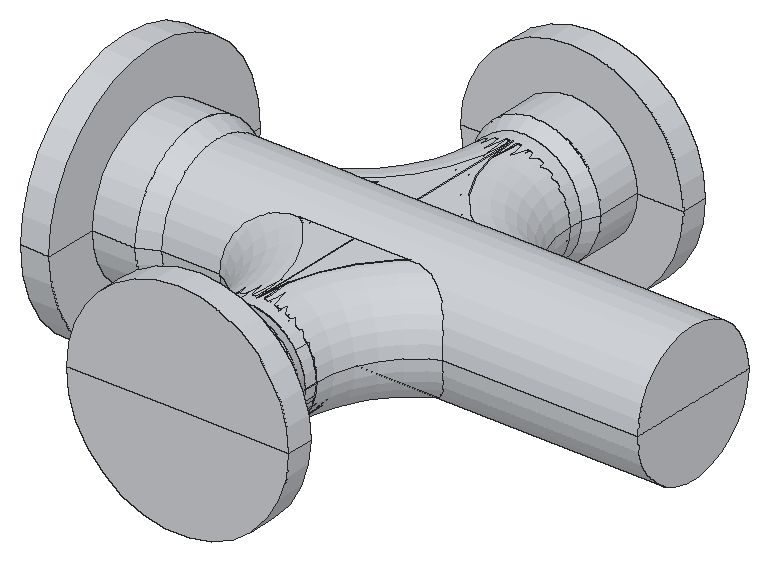
Revit family "bd2e4776bb3a4bb3913ffe6774420ba0", category Pipe Fittings, Revit 2021
Family settings
  Round Connector Dimension = Use Radius
  Part Type = Cross
  OmniClass Number = 23.60.30.11.14
  OmniClass Title = Pipework Fittings
  Seek Item ID = Tee - PVC - Sch 40-0000-USA-ENU
  Work Plane-Based = No
  Always vertical = Yes
  Cut with Voids When Loaded = No
  Shared = No
Parameters (values of type "Standard")
  Visibility 1 [instance] = and(Angle 1 = 90.00°, Angle 2 = 90.00°)  # yes
  Tick Size 3 [instance] = Fitting Outside Diameter 3 * 0.4  # 1.5840"
  Tick Size 2 [instance] = Fitting Outside Diameter 2 * 0.4  # 1.5840"
  Tick Size 1 [instance] = Fitting Outside Diameter 1 * 0.4  # 1.9200"
  Socket Outside Radius 3 [instance] = Socket Outside Diameter 3 / 2  # 2.2400"
  Socket Outside Radius 2 [instance] = Socket Outside Diameter 2 / 2  # 2.2400"
  Socket Outside Radius 1 [instance] = Socket Outside Diameter 1 / 2  # 2.7250"
  Socket Outside Diameter 3 [instance] = size_lookup(Lookup Table Name, "SOD", 1.08 * Nominal Diameter 3 + 1.1300", Nominal Diameter 3)  # 4.4800"
  Socket Outside Diameter 1 [instance] = size_lookup(Lookup Table Name, "SOD", 1.08 * Nominal Diameter 1 + 1.1300", Nominal Diameter 1)  # 5.4500"
  Socket Outside Diameter 2 [instance] = size_lookup(Lookup Table Name, "SOD", 1.08 * Nominal Diameter 2 + 1.1300", Nominal Diameter 2)  # 4.4800"
  Socket Depth 3 [instance] = if(Nominal Diameter 3 < 14.0000", 2.5000", if(Nominal Diameter 2 < 30.0000", 3.5000", 4.0000"))  # 2.5000"
  Socket Depth 2 [instance] = if(Nominal Diameter 2 < 14.0000", 2.5000", if(Nominal Diameter 2 < 30.0000", 3.5000", 4.0000"))  # 2.5000"
  Socket Depth 1 [instance] = if(Nominal Diameter 1 < 14.0000", 2.5000", if(Nominal Diameter 1 < 30.0000", 3.5000", 4.0000"))  # 2.5000"
  Nominal Radius 3 [instance] = 1.5000"
  Nominal Radius 2 [instance] = 1.5000"
  Nominal Diameter 3 [instance] = Nominal Radius 3 * 2  # 3.0000"
  Nominal Diameter 2 [instance] = Nominal Radius 2 * 2  # 3.0000"
  Min Nominal Diameter 23 [instance] = if(Nominal Diameter 2 < Nominal Diameter 3, Nominal Diameter 2, Nominal Diameter 3)  # 3.0000"
  Min Center to Socket Bottom 23 [instance] = if(Center to Socket Bottom 2 < Center to Socket Bottom 3, Center to Socket Bottom 2, Center to Socket Bottom 3)  # 6.5000"
  Max Nominal Diameter 23 [instance] = if(Nominal Diameter 2 > Nominal Diameter 3, Nominal Diameter 2, Nominal Diameter 3)  # 3.0000"
  Max Gland Width 24 [instance] = if(Gland Width 2 > Gland Width 3, Gland Width 2, Gland Width 3)  # 0.9400"
  Max Bevel Length 23 [instance] = if(Bevel Length 2 > Bevel Length 3, Bevel Length 2, Bevel Length 3)  # 0.5200"
  Lookup Table Name = "Cross Reducing - MJ x PE - DI - Class 350"
  Length 2 [instance] = Socket Depth 3 + Bevel Length 3  # 3.0200"
  Length 1 [instance] = Socket Depth 2 + Bevel Length 2  # 3.0200"
  Fitting Outside Radius 3 [instance] = Fitting Outside Diameter 3 / 2  # 1.9800"
  Fitting Outside Radius 2 [instance] = Fitting Outside Diameter 2 / 2  # 1.9800"
  Fitting Outside Radius 1 [instance] = Fitting Outside Diameter 1 / 2  # 2.4000"
  Fitting Outside Diameter 3 [instance] = size_lookup(Lookup Table Name, "FOD", 1.04 * Nominal Diameter 3 + 0.7000", Nominal Diameter 3)  # 3.9600"
  Fitting Outside Diameter 2 [instance] = size_lookup(Lookup Table Name, "FOD", 1.04 * Nominal Diameter 2 + 0.7000", Nominal Diameter 2)  # 3.9600"
  Fitting Outside Diameter 1 [instance] = size_lookup(Lookup Table Name, "FOD", 1.04 * Nominal Diameter 1 + 0.7000", Nominal Diameter 1)  # 4.8000"
  Nominal Radius 1 [instance] = 2.0000"
  Nominal Diameter 1 [instance] = Nominal Radius 1 * 2  # 4.0000"
  Loss Method = Not Defined
  K Coefficient Table = (empty or 0)
  Default Elevation = 0.0000"
  Bevel Length 3 [instance] = size_lookup(Lookup Table Name, "BvLgt", 0.04 * Nominal Diameter 3 + 0.4300", Nominal Diameter 3)  # 0.5200"
  Bevel Length 2 Label [instance] = if(not(Angle 2 = 90.00°), Center to End 2 Label - Length 1, Bevel Length 2)  # 0.5200"
  Bevel Length 2 [instance] = size_lookup(Lookup Table Name, "BvLgt", 0.04 * Nominal Diameter 2 + 0.4300", Nominal Diameter 2)  # 0.5200"
  Bevel Length 1 [instance] = size_lookup(Lookup Table Name, "BvLgt", 0.04 * Nominal Diameter 1 + 0.4300", Nominal Diameter 1)  # 0.6500"
  Center to Socket Bottom 4 [instance] = size_lookup(Lookup Table Name, "CtSB2", 3.8400" + 0.6 * Nominal Diameter 1 + 0.12 * Nominal Diameter 3, Nominal Diameter 1, Nominal Diameter 3)  # 6.5000"
  Center to Socket Bottom 3 [instance] = size_lookup(Lookup Table Name, "CtSB3", 11.9800" + 0.33 * Nominal Diameter 1 + 0.33 * Max Nominal Diameter 23, Nominal Diameter 1, Max Nominal Diameter 23)  # 10.6200"
  Center to Socket Bottom 2 [instance] = size_lookup(Lookup Table Name, "CtSB2", 3.8400" + 0.6 * Nominal Diameter 1 + 0.12 * Nominal Diameter 2, Nominal Diameter 1, Nominal Diameter 2)  # 6.5000"
  Center to Socket Bottom 1 [instance] = size_lookup(Lookup Table Name, "CtSB1", 4.9800" + 0.33 * Nominal Diameter 1 + 0.33 * Max Nominal Diameter 23, Nominal Diameter 1, Max Nominal Diameter 23)  # 6.5000"
  Center to End 3 Label [instance] = if((Max Center to End 24 - Max Gland Width 24) * tan(Angle 5 / 2) > Gland Outside Radius 1, Center to Socket Bottom 3, Gland Outside Radius 1 / tan(Angle 5 / 2) + Max Gland Width 24)  # 10.6200"
  Center to End 3 [instance] = Center to Socket Bottom 4 + Socket Depth 3  # 9.0000"
  Max Center to End 24 [instance] = if(Center to End 2 > Center to End 3, Center to End 2, Center to End 3)  # 9.0000"
  Center to End 2 Label [instance] = if((Max Center to End 24 - Max Gland Width 24) * tan(Angle 5 / 2) > Gland Outside Radius 1, Max Center to End 24, Gland Outside Radius 1 / tan(Angle 5 / 2) + Max Gland Width 24)  # 9.0000"
  Center to End 2 [instance] = Center to Socket Bottom 2 + Socket Depth 2  # 9.0000"
  Center to End 1 Label [instance] = if((Max Center to End 24 - Max Gland Width 24) * tan(Angle 5 / 2) > Gland Outside Radius 1, Center to End 1, Gland Outside Radius 1 / tan(Angle 5 / 2) + Max Gland Width 24)  # 9.0000"
  Center to End 1 [instance] = Center to Socket Bottom 1 + Socket Depth 1  # 9.0000"
  Center Radius Label [instance] = if(Min Center to Socket Bottom 23 - Center Radius - Max Bevel Length 23 < 0.5000", Min Center to Socket Bottom 23 - Max Bevel Length 23 - 0.5000", Center Radius)  # 5.4800"
  Center Radius [instance] = size_lookup(Lookup Table Name, "CRad", 4.4800" + 0.3 * Nominal Diameter 1 + 0.33 * Max Nominal Diameter 23, Nominal Diameter 1, Max Nominal Diameter 23)  # 5.8500"
  Gland Width 3 [instance] = size_lookup(Lookup Table Name, "GWid", 0.03 * Nominal Diameter 3 + 0.9400", Nominal Diameter 3)  # 0.9400"
  Gland Width 2 [instance] = size_lookup(Lookup Table Name, "GWid", 0.03 * Nominal Diameter 2 + 0.9400", Nominal Diameter 2)  # 0.9400"
  Gland Width 1 [instance] = size_lookup(Lookup Table Name, "GWid", 0.03 * Nominal Diameter 1 + 0.9400", Nominal Diameter 1)  # 1.0000"
  Gland Outside Radius 3 [instance] = Gland Outside Diameter 3 / 2  # 3.8450"
  Gland Outside Radius 2 [instance] = Gland Outside Diameter 2 / 2  # 3.8450"
  Gland Outside Radius 1 [instance] = Gland Outside Diameter 1 / 2  # 4.5600"
  Gland Outside Diameter 3 [instance] = size_lookup(Lookup Table Name, "GOD", 1.16 * Nominal Diameter 3 + 4.0300", Nominal Diameter 3)  # 7.6900"
  Gland Outside Diameter 2 [instance] = size_lookup(Lookup Table Name, "GOD", 1.16 * Nominal Diameter 2 + 4.0300", Nominal Diameter 2)  # 7.6900"
  Gland Outside Diameter 1 [instance] = size_lookup(Lookup Table Name, "GOD", 1.16 * Nominal Diameter 1 + 4.0300", Nominal Diameter 1)  # 9.1200"
  Angle 5 [instance] = if(tan(Angle 3 / 2) > tan(Angle 4 / 2), Angle 4, Angle 3)  # 90.00°
  Angle 4 [instance] = if(Angle 2 > 90.00°, 180.00° - Angle 2, Angle 2)  # 90.00°
  Angle 3 [instance] = if(Angle 1 > 90.00°, 180.00° - Angle 1, Angle 1)  # 90.00°
  Angle 2 [instance] = 90.00°
  Angle 1 [instance] = 90.00°
Reference planes (in)
  plane 1 "Center (Front/Back)": y = 0
  plane 2: z = 0
  plane 3 "Center (Left/Right)": x = 0
  plane 4: y = -6.5
  plane 5: y = 4.56
  plane 6: y = 2.725
  plane 7: y = 2.4
  plane 8: x = -9
  plane 9: x = -8
  plane 10: x = -5.85
  plane 11: x = -6.5
  plane 12: x = 10.62
  plane 13: y = -5.98
  plane 14: y = -5.48
  plane 15: x = -5.48
  plane 16: x = 5.48
  plane 17: z = 1.98
  plane 18: z = -1.98
  plane 19: y = 1.92
  plane 20: y = -1.92
  plane 21: y = 6.5
  plane 22: y = 5.48
  plane 23: y = 1.92
  plane 24: z = 1.98
  plane 25: z = -1.98
Forms (in)
  Revolve 1, solid, detail levels fine
    sketch origin (0, 0, 0) x (1, 0, 0) y (0, 1, 0)
      loop
        line (-9, 0) -> (10.62, 0) -> (10.62, 2.4) -> (-5.85, 2.4) -> (-6.5, 2.725) -> (-8, 2.725) -> (-8, 4.56) -> (-9, 4.56) -> (-9, 0)
      axis (-9, 0) -> (10.62, 0)
    angle from 0 to 360
  Sweep 2, solid, visible <- "Visibility 1", detail levels fine
    path origin (0, 0, 0) x (1, 0, 0) y (0, 1, 0)
      loop
        arc (-5.48, 0) -> (-1.60505, -1.60505) -> (0, -5.48) r 5.48
        line (0, -5.48) -> (0, -5.98)
    profile origin (0, -5.48, 0) x (1, 0, 0) y (0, 0, 1)
      loop
        circle (0, 0) r 1.98
  Sweep 3, solid, visible <- "Visibility 1", detail levels fine
    path origin (0, 0, 0) x (-1, 0, 0) y (0, 1, 0)
      loop
        arc (-5.48, 0) -> (-1.60505, -1.60505) -> (0, -5.48) r 5.48
        line (0, -5.48) -> (0, -5.98)
    profile origin (0, -5.48, 0) x (1, 0, 0) y (0, 0, 1)
      loop
        circle (0, 0) r 1.98
  Extrusion 4, solid, visible <- "Visibility 1", detail levels fine
    sketch origin (0, 0, 0) x (1, 0, 0) y (0, 1, 0)
      loop
        arc (0, -5.48) -> (1.60505, -1.60505) -> (5.48, 0) r 5.48
        line (5.48, 0) -> (-5.48, 0)
        arc (-5.48, 0) -> (-1.60505, -1.60505) -> (0, -5.48) r 5.48
    from -1.98 to 1.98
  Sweep 5, solid, visible <- "Visibility 1", detail levels fine
    path origin (0, 0, 0) x (-1, 0, 0) y (0, -1, 0)
      loop
        arc (-5.48, 0) -> (-1.60505, -1.60505) -> (0, -5.48) r 5.48
    profile origin (0, 5.48, 0) x (-1, 0, 0) y (0, 0, 1)
      loop
        circle (0, 0) r 1.98
  Extrusion 6, solid, visible <- "Visibility 1", detail levels fine
    sketch origin (0, 0, 0) x (1, 0, 0) y (0, 1, 0)
      loop
        arc (0, 5.48) -> (-1.60505, 1.60505) -> (-5.48, 0) r 5.48
        line (-5.48, 0) -> (5.48, 0)
        arc (5.48, 0) -> (1.60505, 1.60505) -> (0, 5.48) r 5.48
    from -1.98 to 1.98
  Sweep 7, solid, visible <- "Visibility 1", detail levels fine
    path origin (0, 0, 0) x (1, 0, 0) y (0, -1, 0)
      loop
        arc (-5.48, 0) -> (-1.60505, -1.60505) -> (0, -5.48) r 5.48
    profile origin (0, 5.48, 0) x (-1, 0, 0) y (0, 0, 1)
      loop
        circle (0, 0) r 1.98
  Revolve 8, solid, detail levels fine
    sketch origin (0, 0, 0) x (0, -1, 0) y (1, 0, 0)
      loop
        line (9, 0) -> (0, 0) -> (0, -1.98) -> (5.98, -1.98) -> (6.5, -2.24) -> (8.06, -2.24) -> (8.06, -3.845) -> (9, -3.845) -> (9, 0)
      axis (0, 0) -> (9, 0)
    angle from 0 to 360
  Revolve 9, solid, detail levels fine
    sketch origin (0, 0, 0) x (0, 1, 0) y (-1, 0, 0)
      loop
        line (9, 0) -> (9, 3.845) -> (8.06, 3.845) -> (8.06, 2.24) -> (6.5, 2.24) -> (5.98, 1.98) -> (0, 1.98) -> (0, 0) -> (9, 0)
      axis (0, 0) -> (9, 0)
    angle from 0 to 360
Lines and regions (in)
  model lines, detail levels coarse+medium
    curve 1: line (-9, 1.92, 0) -> (-9, -1.92, 0)
    curve 2: line (10.62, 1.92, 0) -> (10.62, -1.92, 0)
    curve 6: line (-1.584, -9, 0) -> (1.584, -9, 0)
    curve 8: line (-1.584, 9, 0) -> (1.584, 9, 0)
  model lines, style "PipeFitting", detail levels coarse+medium
    curve 3: line (-9, 0, 0) -> (10.62, 0, 0)
    curve 7: line (0, 0, 0) -> (0, -9, 0)
    curve 9: line (0, 0, 0) -> (0, 9, 0)
  reference lines, not visible
    curve 4: line (0, 0, 0) -> (0, -9, 0)
    curve 5: line (0, 0, 0) -> (0, 9, 0)
Dimensions and locks (in)
  "Center to Socket Bottom 2": plane 4 to plane 1 "Center (Front/Back)"
  "Fitting Outside Radius 1": plane 7 to plane 1 "Center (Front/Back)"
  "Socket Outside Radius 1": plane 6 to plane 1 "Center (Front/Back)"
  "Gland Outside Radius 1": plane 5 to plane 1 "Center (Front/Back)"
  "Gland Width 1": plane 8 to plane 9
  "Socket Depth 1": plane 8 to plane 11
  "Bevel Length 1": plane 11 to plane 10
  "Bevel Length 2": plane 13 to plane 4
  "Center Radius Label": plane 1 "Center (Front/Back)" to plane 14
  "Center Radius Label": plane 15 to plane 3 "Center (Left/Right)"
  "Center Radius Label": plane 3 "Center (Left/Right)" to plane 16
  "Fitting Outside Radius 2": plane 17 to plane 2
  "Fitting Outside Radius 2": plane 18 to level
  "Tick Size 1": plane 1 "Center (Front/Back)" to plane 20
  "Tick Size 1": plane 19 to plane 1 "Center (Front/Back)"
  "Center to Socket Bottom 4": plane 21 to plane 1 "Center (Front/Back)"
  "Center Radius Label": plane 1 "Center (Front/Back)" to plane 22
  "Tick Size 1": plane 1 "Center (Front/Back)" to plane 23
  "Fitting Outside Radius 3": plane 2 to plane 25
  "Fitting Outside Radius 3": plane 24 to plane 2
  "Center to End 1 Label": plane 8 to plane 3 "Center (Left/Right)"
  "Center to End 3 Label": plane 3 "Center (Left/Right)" to plane 12
  "Center to End 2 Label": curve 4 to curve 4
  "Center to End 2 Label": curve 5 to curve 5
  "Tick Size 2": curve 6 to curve 4
  "Tick Size 2": curve 4 to curve 6
  "Center to End 2 Label": curve 7 to curve 7
  "Center to End 2 Label": Revolve 8 sketch curve to Revolve 8 sketch curve
  "Gland Outside Radius 2": Revolve 8 sketch curve to Revolve 8 sketch curve
  "Socket Outside Radius 2": Revolve 8 sketch curve to Revolve 8 sketch curve
  "Gland Width 2": Revolve 8 sketch curve to Revolve 8 sketch curve
  "Socket Depth 2": Revolve 8 sketch curve to Revolve 8 sketch curve
  "Fitting Outside Radius 2": Revolve 8 sketch curve to Revolve 8 sketch curve
  "Length 1": Revolve 8 sketch curve to Revolve 8 sketch curve
  "Tick Size 3": curve 8 to curve 5
  "Tick Size 3": curve 5 to curve 8
  "Center to End 2 Label": curve 9 to curve 9
  "Center to End 2 Label": Revolve 9 sketch curve to Revolve 9 sketch curve
  "Socket Outside Radius 3": Revolve 9 sketch curve to Revolve 9 sketch curve
  "Gland Outside Radius 3": Revolve 9 sketch curve to Revolve 9 sketch curve
  "Fitting Outside Radius 3": Revolve 9 sketch curve to Revolve 9 sketch curve
  "Gland Width 3": Revolve 9 sketch curve to Revolve 9 sketch curve
  "Socket Depth 3": Revolve 9 sketch curve to Revolve 9 sketch curve
  "Length 2": Revolve 9 sketch curve to Revolve 9 sketch curve
  "Center Radius Label": radius of Sweep 2 sketch curve
  "Fitting Outside Radius 2": radius of Sweep 2 sketch curve
  "Center Radius Label": radius of Sweep 3 sketch curve
  "Fitting Outside Radius 2": radius of Sweep 3 sketch curve
  "Center Radius Label": radius of Extrusion 4 sketch curve  (x2)
  "Center Radius Label": radius of Sweep 5 sketch curve
  "Fitting Outside Radius 3": radius of Sweep 5 sketch curve
  "Center Radius Label": radius of Extrusion 6 sketch curve  (x2)
  "Center Radius Label": radius of Sweep 7 sketch curve
  "Fitting Outside Radius 3": radius of Sweep 7 sketch curve
  "Angle 1": angle curve 4 to plane 1 "Center (Front/Back)"
  "Angle 2": angle plane 1 "Center (Front/Back)" to curve 5
  locked: curve 4 to curve 6 (angle 90.00°)
  "Angle 1": angle curve 7 to plane 1 "Center (Front/Back)"
  "Angle 1": angle Revolve 8 sketch curve to plane 1 "Center (Front/Back)"
  locked: curve 5 to curve 8 (angle 90.00°)
  "Angle 2": angle plane 1 "Center (Front/Back)" to curve 9
  "Angle 2": angle plane 1 "Center (Front/Back)" to Revolve 9 sketch curve
  aligned and locked: plane 1 "Center (Front/Back)" to Revolve 1 sketch curve
  aligned and locked: plane 8 to Revolve 1 sketch curve
  aligned and locked: Revolve 1 sketch curve to plane 5
  aligned and locked: Revolve 1 sketch curve to plane 7
  aligned and locked: Revolve 1 sketch curve to plane 6
  aligned and locked: plane 12 to Revolve 1 sketch curve
  aligned and locked: Revolve 1 sketch curve to plane 9
  aligned and locked: Revolve 1 sketch curve to Revolve 1 sketch curve
  aligned and locked: plane 11 to Revolve 1 sketch curve
  aligned and locked: plane 10 to Revolve 1 sketch curve
  aligned and locked: plane 14 to Sweep 2 sketch curve
  aligned and locked: plane 15 to Sweep 2 sketch curve
  aligned and locked: plane 16 to Sweep 3 sketch curve
  aligned and locked: plane 14 to Sweep 3 sketch curve
  aligned and locked: plane 15 to Extrusion 4 sketch curve  (x2)
  aligned and locked: plane 14 to Extrusion 4 sketch curve  (x3)
  aligned and locked: plane 16 to Extrusion 4 sketch curve  (x2)
  aligned and locked: plane 1 "Center (Front/Back)" to Extrusion 4 sketch curve
  aligned and locked: plane 18 to Extrusion 4
  aligned and locked: plane 17 to Extrusion 4
  aligned and locked: plane 20 to curve 2
  aligned and locked: plane 19 to curve 2
  aligned and locked: plane 12 to curve 2
  aligned and locked: plane 20 to curve 1
  aligned and locked: plane 19 to curve 1
  aligned and locked: curve 1 to plane 8
  aligned and locked: plane 1 "Center (Front/Back)" to curve 3
  aligned and locked: plane 8 to curve 3
  aligned and locked: plane 12 to curve 3
  aligned and locked: plane 25 to Extrusion 6
  aligned and locked: plane 24 to Extrusion 6
  aligned and locked: plane 13 to Sweep 2 sketch curve
  aligned and locked: plane 3 "Center (Left/Right)" to curve 5
  aligned and locked: plane 1 "Center (Front/Back)" to curve 5
  aligned and locked: curve 6 to curve 4
  aligned and locked: plane 3 "Center (Left/Right)" to curve 7
  aligned and locked: plane 1 "Center (Front/Back)" to curve 7
  aligned and locked: plane 3 "Center (Left/Right)" to Revolve 8 sketch curve
  aligned and locked: plane 1 "Center (Front/Back)" to Revolve 8 sketch curve
  aligned and locked: Revolve 8 sketch curve to Revolve 8 sketch curve  (x3)
  aligned and locked: curve 8 to curve 5
  aligned and locked: plane 3 "Center (Left/Right)" to curve 9
  aligned and locked: plane 3 "Center (Left/Right)" to Revolve 9 sketch curve
  aligned and locked: plane 1 "Center (Front/Back)" to Revolve 9 sketch curve
  aligned and locked: Revolve 9 sketch curve to Revolve 9 sketch curve  (x3)
  aligned and locked: plane 13 to Sweep 3 sketch curve
Automatic sketch dimensions
  Revolve 1 sketch curve to plane 8 = 1.01143"
  Revolve 1 sketch curve to plane 12 = 1.76143"
  Sweep 2 sketch curve to level = 0.0000"
  profile plane to Sweep 2 sketch curve = 0.0000"
  Sweep 3 sketch curve to level = 0.0000"
  profile plane to Sweep 3 sketch curve = 0.0000"
  Sweep 5 sketch curve to level = 0.0000"
  Sweep 5 sketch curve to profile plane = 0.0000"
  plane 1 "Center (Front/Back)" to Extrusion 6 sketch curve = 0.0000"
  Extrusion 6 sketch curve to plane 15 = 0.0000"
  Extrusion 6 sketch curve to plane 3 "Center (Left/Right)" = 0.0000"
  Sweep 7 sketch curve to level = 0.0000"
  Sweep 7 sketch curve to profile plane = 0.0000"
  plane 1 "Center (Front/Back)" to Sweep 5 sketch curve = 0.0000"
  plane 1 "Center (Front/Back)" to Sweep 7 sketch curve = 0.0000"
  Sweep 7 sketch curve to plane 15 = 0.0000"
  Sweep 5 sketch curve to plane 16 = 0.0000"
Connectors (in)
  piping at (-9, 0, 0), diameter 4, driven by "Nominal Radius 1"
    settings: on Revolve 1, index 1, connector inside diameter 4.0000", connector length 0.0000", flow factor 0, pipe flow 0 GPM, pressure drop 0.00 psi, fitting loss kfactor 0, connector angle 0.00°, fixture units 0, engagement length 0.0000", angle of deflection 0.00°, flow configuration 0, flow direction 0, fitting loss method 0, system type 28, joint type 0, gender type 0, connector reference index 2, connector utility 0, adjustable connector no, is connector primary yes, connector description ""
  piping at (10.62, 0, 0), diameter 4, driven by "Nominal Radius 1"
    settings: on Revolve 1, index 2, connector inside diameter 4.0000", connector length 0.0000", flow factor 0, pipe flow 0 GPM, pressure drop 0.00 psi, fitting loss kfactor 0, connector angle 0.00°, fixture units 0, engagement length 0.0000", angle of deflection 0.00°, flow configuration 0, flow direction 0, fitting loss method 0, system type 28, joint type 0, gender type 0, connector reference index 1, connector utility 0, adjustable connector no, is connector primary no, connector description ""
  piping at (0, -9, 0), diameter 3, driven by "Nominal Radius 2", driven by "Angle 1"
    settings: on Revolve 8, index 3, connector inside diameter 3.0000", connector length 0.0000", flow factor 0, pipe flow 0 GPM, pressure drop 0.00 psi, fitting loss kfactor 0, connector angle 90.00°, fixture units 0, engagement length 0.0000", angle of deflection 0.00°, flow configuration 0, flow direction 0, fitting loss method 0, system type 28, joint type 0, gender type 0, connector reference index 4, connector utility 0, adjustable connector no, is connector primary no, connector description ""
  piping at (0, 9, 0), diameter 3, driven by "Nominal Radius 3", driven by "Angle 2"
    settings: on Revolve 9, index 4, connector inside diameter 3.0000", connector length 0.0000", flow factor 0, pipe flow 0 GPM, pressure drop 0.00 psi, fitting loss kfactor 0, connector angle 90.00°, fixture units 0, engagement length 0.0000", angle of deflection 0.00°, flow configuration 0, flow direction 0, fitting loss method 0, system type 28, joint type 0, gender type 0, connector reference index 3, connector utility 0, adjustable connector no, is connector primary no, connector description ""
